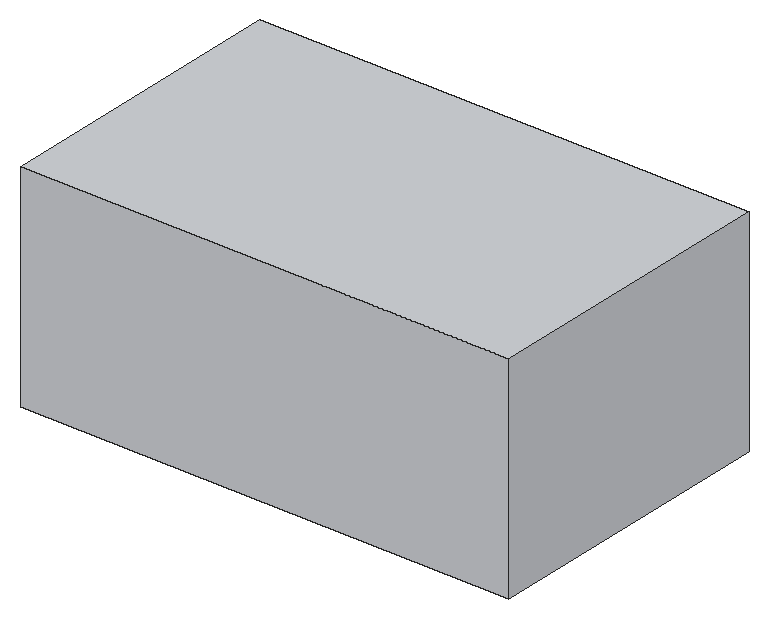
Revit family "M_Caixa universal - Cinco tomadas - Tipo 1 - Alumínio", category Conexões do conduite, Revit 2019
Family settings
  Cota do conector redondo = Usar raio
  Tipo de parte = Múltiplas portas
  Número OmniClass = 23.80.30.17.11
  Título OmniClass = Conduits
  ID de item do Seek = Universal Box - Five Outlets - Type 1 - Aluminum-0000-CAN-ENU
  Com base no plano de trabalho = Não
  Sempre na vertical = Sim
  Corte com vazios quando carregada = Não
  Compartilhado = Não
Parameters (values of type "Caixa de tomada única")
  Largura [instance] = if(not(Diâmetro nominal máximo 1235 > 27 mm), Largura externa, 6 * Diâmetro nominal máximo 1235)  # 71 mm
  Largura externa = 71 mm
  Altura externa = 51 mm
  Raio nominal 5 [instance] = 8 mm
  Raio nominal 4 [instance] = 8 mm
  Raio nominal 3 [instance] = 8 mm
  Raio nominal 2 [instance] = 8 mm
  Raio nominal 1 [instance] = 8 mm
  Diâmetro nominal 5 [instance] = Raio nominal 5 * 2  # 16 mm
  Diâmetro nominal 4 [instance] = Raio nominal 4 * 2  # 16 mm
  Diâmetro nominal 3 [instance] = Raio nominal 3 * 2  # 16 mm
  Diâmetro nominal 2 [instance] = Raio nominal 2 * 2  # 16 mm
  Diâmetro nominal 1 [instance] = Raio nominal 1 * 2  # 16 mm
  Diâmetro nominal máximo 34 [instance] = if(Diâmetro nominal 3 > Diâmetro nominal 4, Diâmetro nominal 3, Diâmetro nominal 4)  # 16 mm
  Diâmetro nominal máximo 1235 [instance] = if(Diâmetro nominal máximo 1234 > Diâmetro nominal 5, Diâmetro nominal máximo 1234, Diâmetro nominal 5)  # 16 mm
  Diâmetro nominal máximo 1234 [instance] = if(Diâmetro nominal máximo 12 > Diâmetro nominal máximo 34, Diâmetro nominal máximo 12, Diâmetro nominal máximo 34)  # 16 mm
  Diâmetro nominal máximo 12 [instance] = if(Diâmetro nominal 1 > Diâmetro nominal 2, Diâmetro nominal 1, Diâmetro nominal 2)  # 16 mm
  Comprimento [instance] = if(not(Diâmetro nominal máximo 1235 > 27 mm), 116 mm, 8 * Diâmetro nominal máximo 1235)  # 116 mm
  Altura [instance] = if(not(Diâmetro nominal máximo 1235 > 27 mm), Altura externa, if(Diâmetro nominal máximo 1235 < 155 mm, 155 mm, Diâmetro nominal máximo 1235 * 1.2))  # 51 mm
Types (3, lengths in mm): name | Largura | Largura externa | Altura externa | Altura
  (no name) | 71 | 71 | 51 | 51
  Caixa de tomada única | 71 | 71 | 51 | 51
  Caixa de tomada dupla | 118 | 118 | 52 | 52
Reference planes
  plane 1 "Centro (Frente/Trás)": y = 0
  plane 2: z = 0
  plane 3 "Centro (Esquerda/Direita)": x = 0
  plane 4: y = 35.5
  plane 5: y = -35.5
  plane 6: x = 116
  plane 7: z = -25.5
  plane 8: z = 25.5
Forms (mm)
  Extrusion 1, solid
    sketch origin (0, 0, 0) x (1, 0, 0) y (0, 1, 0)
      loop
        line (0, 35.5) -> (0, -35.5) -> (116, -35.5) -> (116, 35.5) -> (0, 35.5)
    from -25.5 to 25.5
Dimensions and locks
  equal spacing: plane 4, plane 1 "Centro (Frente/Trás)", plane 5
  "Largura": plane 4 to plane 5
  equal spacing: plane 8, plane 2, plane 7
  locked: level to plane 2
  "Altura": plane 8 to plane 7
  "Comprimento": plane 3 "Centro (Esquerda/Direita)" to plane 6
  aligned and locked: Extrusion 1 sketch curve to plane 4
  aligned and locked: plane 5 to Extrusion 1 sketch curve
  aligned and locked: Extrusion 1 sketch curve to plane 6
  aligned: Extrusion 1 to plane 2
  aligned and locked: Extrusion 1 to plane 7
  aligned and locked: plane 8 to Extrusion 1
  aligned and locked: Extrusion 1 to plane 3 "Centro (Esquerda/Direita)"
Automatic sketch dimensions
  plane 3 "Centro (Esquerda/Direita)" to Extrusion 1 sketch curve = 0 mm
Connectors
  cabletrayconduit at (0, 0, 0), diameter 16, driven by "Raio nominal 1"
    settings: on Extrusion 1, index 1, connector width 304.8 mm, connector height 304.8 mm, connector angle 0.00°, system type 32, placement type 0, profile type 0, connector reference index 2, is primary connector yes, connector utility param no, connector description ""
  cabletrayconduit at (116, 0, 0), diameter 16, driven by "Raio nominal 2"
    settings: on Extrusion 1, index 2, connector width 304.8 mm, connector height 304.8 mm, connector angle 0.00°, system type 32, placement type 0, profile type 0, connector reference index 1, is primary connector no, connector utility param no, connector description ""
  cabletrayconduit at (58, -35.5, 0), diameter 16, driven by "Raio nominal 3"
    settings: on Extrusion 1, index 3, connector width 304.8 mm, connector height 304.8 mm, connector angle 0.00°, system type 32, placement type 0, profile type 0, connector reference index 4, is primary connector no, connector utility param no, connector description ""
  cabletrayconduit at (58, 35.5, 0), diameter 16, driven by "Raio nominal 4"
    settings: on Extrusion 1, index 4, connector width 304.8 mm, connector height 304.8 mm, connector angle 0.00°, system type 32, placement type 0, profile type 0, connector reference index 3, is primary connector no, connector utility param no, connector description ""
  cabletrayconduit at (58, 0, -25.5), diameter 16, driven by "Raio nominal 5"
    settings: on Extrusion 1, index 5, connector width 304.8 mm, connector height 304.8 mm, connector angle 0.00°, system type 32, placement type 0, profile type 0, connector reference index -1, is primary connector no, connector utility param no, connector description ""
